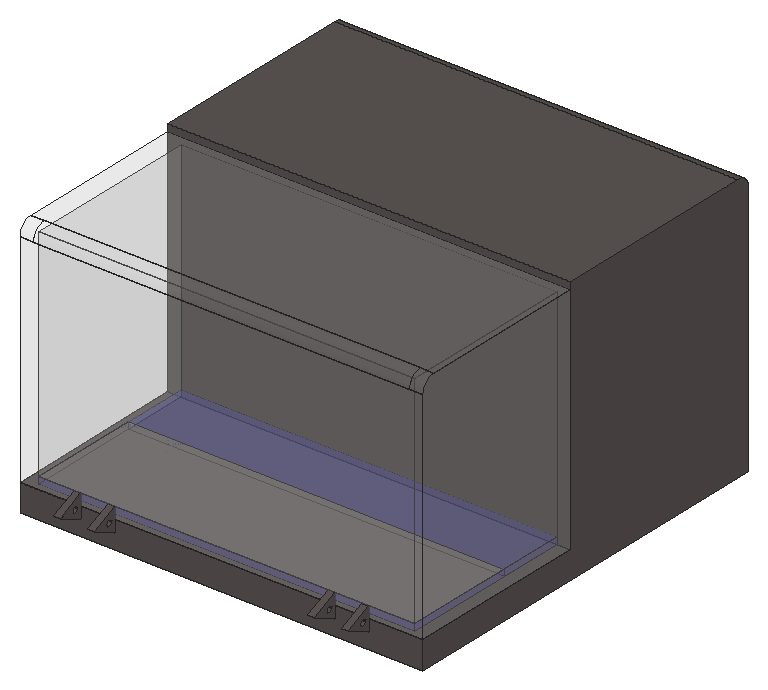
Revit family "PVL3", category Lighting Fixtures, host Face, Revit 2021
Family settings
  Host = Face
  Round Connector Dimension = Use Diameter
  Part Type = Normal
  OmniClass Number = 23.80.70.11
  OmniClass Title = Luminaries for Internal Lighting
  Cut with Voids When Loaded = No
  Light Source = Yes
  Shared = No
  Room Calculation Point = No
Parameters (values of type "PVL3")
  Wattage Comments = "70-250W"
  Wattage = 9.2903 W
  built-in parameter 1150110 = 1 (stored number, unit not read)
  URL = "https://www.currentlighting.com/exo"
  built-in parameter 1114217 = 1 (stored number, unit not read)
  built-in parameter 1150109 = 1 (stored number, unit not read)
  built-in parameter 1150134 = 3
  built-in parameter 1150113 = 1 (stored number, unit not read)
  Reflector Material = Reflector
  Product Page URL = ""
  Product Documentation Link = ""
  Model = "PVL3"  # constant formula
  Manufacturer = "EXO"  # constant formula
  built-in parameter 1150105 = 109.82 (stored number, unit not read)
  Lumens = 1380 lm
  built-in parameter 1150115 = 1 (stored number, unit not read)
  Light Source Symbol Size = 5"
  built-in parameter 1150137 = (empty or 0)
  built-in parameter 1150139 = (empty or 0)
  built-in parameter 1150112 = 1 (stored number, unit not read)
  built-in parameter 1150114 = 1 (stored number, unit not read)
  Lamp = "One"
  Opal lens = Etched Glass
  built-in parameter 1150132 = (empty or 0)
  built-in parameter 1150102 = (empty or 0)
  built-in parameter 1150107 = 3200 (stored number, unit not read)
  built-in parameter 1150138 = (empty or 0)
  built-in parameter 1150106 = 1.0982 (stored number, unit not read)
  built-in parameter 1150104 = 13.8 (stored number, unit not read)
  Dimming Lamp Color Temperature Shift = <None>
  Description = "Perimaliter PGM3"  # constant formula
  Default Elevation = 48"
  Finish = Bronze
  D = 6 13/16"
  Color Filter = 16777215
  C = 8"
  built-in parameter 1114218 = 1 (stored number, unit not read)
  B = 15"
  built-in parameter 1150133 = 10 (stored number, unit not read)
  A = 14 7/8"
Reference planes (in)
  plane 1 "Center (Front/Back)": y = 0
  plane 2: z = 0
  plane 3 "Center (Left/Right)": x = 0
  plane 4: z = 9.875
  plane 5: x = -7.4375
  plane 6: y = 7.5
  plane 7: y = -7.5
  plane 8: x = 7.4375
  plane 9: x = -6.9375
  plane 10: x = 6.9375
  plane 11: x = -5.4375
  plane 12: x = -5.1875
  plane 13: x = -4.6875
  plane 14: z = 9.60985
Forms (in)
  Extrusion 1, solid, material "Bronze" <- "Finish"
    sketch origin (0, 0, 0) x (0, 1, 0) y (0, 0, 1)
      loop
        line (-7.5, 0) -> (7.5, 0) -> (7.5, 9.375)
        arc (7.5, 9.375) -> (7.35355, 9.72855) -> (7, 9.875) r 0.5
        line (7, 9.875) -> (-0.6875, 9.875) -> (-0.6875, 1) -> (-7.5, 1) -> (-7.5, 0)
    from -7.4375 to 7.4375
  Extrusion 2, solid, material "Etched Glass" <- "Opal lens"
    sketch origin (0, 0, 0) x (0, 1, 0) y (0, 0, 1)
      loop
        line (-3.125, 1) -> (-3.125, 1.25) -> (-7.25, 1.25) -> (-7.25, 9.35985) -> (-0.6875, 9.35985) -> (-0.6875, 9.60985) -> (-7, 9.60985)
        arc (-7, 9.60985) -> (-7.35355, 9.4634) -> (-7.5, 9.10985) r 0.5
        line (-7.5, 9.10985) -> (-7.5, 1) -> (-3.125, 1)
    from -6.9375 to 6.9375
  Extrusion 3, solid, material "Etched Glass" <- "Opal lens"
    sketch origin (0, 0, 0) x (0, 1, 0) y (0, 0, 1)
      loop
        line (-0.6875, 9.60985) -> (-7, 9.60985)
        arc (-7, 9.60985) -> (-7.35355, 9.4634) -> (-7.5, 9.10985) r 0.5
        line (-7.5, 9.10985) -> (-7.5, 1) -> (-0.6875, 1) -> (-0.6875, 9.60985)
    from 6.9375 to 7.4375
  Extrusion 4, solid, material "Etched Glass" <- "Opal lens"
    sketch origin (0, 0, 0) x (0, 1, 0) y (0, 0, -1)
      loop
        line (-0.6875, -9.60985) -> (-0.6875, -1) -> (-7.5, -1) -> (-7.5, -9.10985)
        arc (-7.5, -9.10985) -> (-7.35355, -9.4634) -> (-7, -9.60985) r 0.5
        line (-7, -9.60985) -> (-0.6875, -9.60985)
    from 6.9375 to 7.4375
  Extrusion 5, solid, material "Bronze" <- "Finish"
    sketch origin (0, 0, -0.06651) x (0, 1, 0) y (0, 0, 1)
      loop
        line (-7.5, 1.49444) -> (-8.4543, 1.08357) -> (-7.5, 0.63857) -> (-7.5, 1.49444)
    from -5.4375 to -5.1875
  Extrusion 6, solid, material "Bronze" <- "Finish"
    sketch origin (-9.375, 0, -0.06651) x (0, 1, 0) y (0, 0, -1)
      loop
        line (-7.5, -1.49444) -> (-7.5, -0.63857) -> (-8.4543, -1.08357) -> (-7.5, -1.49444)
    from -5.4375 to -5.1875
  Extrusion 7, solid, material "Bronze" <- "Finish"
    sketch origin (9.375, 0, -0.06651) x (0, 1, 0) y (0, 0, 1)
      loop
        line (-7.5, 1.49444) -> (-8.4543, 1.08357) -> (-7.5, 0.63857) -> (-7.5, 1.49444)
    from -5.4375 to -5.1875
  Extrusion 8, solid, material "Bronze" <- "Finish"
    sketch origin (0, 0, -0.06651) x (0, 1, 0) y (0, 0, -1)
      loop
        line (-7.5, -1.49444) -> (-7.5, -0.63857) -> (-8.4543, -1.08357) -> (-7.5, -1.49444)
    from -5.4375 to -5.1875
  Extrusion 9, solid, material "Bronze" <- "Finish"
    sketch origin (0, 0, 0) x (1, 0, 0) y (0, 1, 0)
      loop
        line (-4.6875, 7.5) -> (-4.4375, 7.5) -> (-4.55494, 7.84841)
        arc (-4.55494, 7.84841) -> (-4.70077, 7.91096) -> (-4.82421, 7.81125) r 0.15373
        line (-4.82421, 7.81125) -> (-4.9375, 7.5) -> (-4.6875, 7.5)
      loop
        circle (-4.67662, 7.65971) r 0.09485
      loop
        line (4.6875, 7.5) -> (4.9375, 7.5) -> (4.82421, 7.81125)
        arc (4.82421, 7.81125) -> (4.70077, 7.91096) -> (4.55494, 7.84841) r 0.15373
        line (4.55494, 7.84841) -> (4.4375, 7.5) -> (4.6875, 7.5)
      loop
        circle (4.67662, 7.65971) r 0.09485
    from 0.76377 to 1.11622
  Extrusion 10, void
    sketch origin (0, 0, 0) x (0, -1, 0) y (0, 0, 1)
      loop
        circle (7.78553, 0.99358) r 0.12328
    from -5.4375 to 5.4375
  Extrusion 11, solid, material "Reflector" <- "Reflector Material"
    sketch origin (0, 0, 0) x (0, 1, 0) y (0, 0, 1)
      loop
        line (-0.6875, 1.25) -> (-7.25, 1.25) -> (-7.25, 1) -> (-0.6875, 1) -> (-0.6875, 1.25)
    from -6.9375 to 6.9375
Cuts and joins
  joined: Extrusion 2, Extrusion 3, Extrusion 4
  Extrusion 10 cuts Extrusion 5
  Extrusion 10 cuts Extrusion 6
  Extrusion 10 cuts Extrusion 7
  Extrusion 10 cuts Extrusion 8
Dimensions and locks (in)
  plane 4 to host face = 9 7/8"
  plane 3 "Center (Left/Right)" to plane 5 = 7 7/16"
  Extrusion 1 sketch curve to Extrusion 1 sketch curve to Extrusion 1 sketch curve = 8 7/8", 1" locked
  level to Extrusion 1 = 9 7/8"
  "B": plane 6 to plane 7
  "D": Extrusion 1 to plane 7
  Extrusion 2 sketch curve to Extrusion 2 sketch curve to Extrusion 2 sketch curve = 1/4" locked, 8.10985"
  locked: Extrusion 2 sketch curve to Extrusion 2 sketch curve at 0.25
  "A": plane 5 to plane 8
  locked: cut or joined group of Extrusion 2, Extrusion 3, Extrusion 4 to plane 11 at 2
  plane 1 "Center (Front/Back)" to Extrusion 4 = 7 1/2"
  Extrusion 4 sketch curve to Extrusion 4 sketch curve = 8.60985"
  aligned and locked: plane 2 to host face
  aligned and locked: level to host face
  aligned and locked: Extrusion 1 sketch curve to plane 4
  aligned and locked: Extrusion 1 sketch curve to plane 6
  aligned and locked: Extrusion 1 to plane 5
  aligned and locked: Extrusion 1 to plane 8
  aligned and locked: Extrusion 1 to Extrusion 3
  aligned and locked: Extrusion 4 to plane 5
  aligned and locked: Extrusion 2 to Extrusion 3  (x2)
  aligned and locked: plane 7 to Extrusion 1 sketch curve
  aligned and locked: Extrusion 1 sketch curve to plane 7
  aligned and locked: Extrusion 4 sketch curve to plane 7
  aligned and locked: Extrusion 4 to Extrusion 2  (x2)
  aligned and locked: Extrusion 4 to plane 9
  aligned and locked: Extrusion 3 to plane 10
  aligned and locked: plane 11 to Extrusion 5
  aligned and locked: Extrusion 5 to plane 12
  aligned and locked: plane 6 to Extrusion 1
  aligned and locked: plane 3 "Center (Left/Right)" to imposter light
  aligned and locked: Extrusion 8 to Extrusion 10
  aligned and locked: Extrusion 5 to Extrusion 10
  aligned and locked: Extrusion 2 to Extrusion 1
  aligned and locked: Extrusion 1 to host face
  aligned and locked: Extrusion 4 to Extrusion 1
  aligned and locked: cut or joined group of Extrusion 2, Extrusion 3, Extrusion 4 to Extrusion 1
  aligned and locked: Extrusion 4 sketch curve to Extrusion 1
  aligned and locked: Extrusion 3 sketch curve to cut or joined group of Extrusion 2, Extrusion 3, Extrusion 4
  aligned and locked: Extrusion 11 to Extrusion 1
Automatic sketch dimensions
  host sketch curve to host sketch curve = 96"  (x2)
  plane 1 "Center (Front/Back)" to Extrusion 1 sketch curve = 11/16"
  Extrusion 1 sketch curve to plane 6 = 1/2"
  Extrusion 2 sketch curve to plane 7 = 0"
  Extrusion 2 sketch curve to plane 7 = 1/4"
  Extrusion 2 sketch curve to Extrusion 2 sketch curve = 1/4"
  Extrusion 4 sketch curve to plane 7 = 1/2"
  plane 7 to Extrusion 5 sketch curve = 0.9543"
  level to Extrusion 5 sketch curve = 0.57207"
  level to Extrusion 5 sketch curve = 1.01706"
  Extrusion 5 sketch curve to Extrusion 5 sketch curve = 0.85587"
  Extrusion 6 sketch curve to plane 7 = 0"
  plane 7 to Extrusion 6 sketch curve = 0.9543"
  level to Extrusion 6 sketch curve = 1.42793"
  level to Extrusion 6 sketch curve = 1.01706"
  level to Extrusion 6 sketch curve = 0.57207"
  Extrusion 7 sketch curve to plane 7 = 0"
  plane 7 to Extrusion 7 sketch curve = 0.9543"
  level to Extrusion 7 sketch curve = 0.57207"
  level to Extrusion 7 sketch curve = 1.01706"
  Extrusion 7 sketch curve to Extrusion 7 sketch curve = 0.85587"
  Extrusion 8 sketch curve to plane 7 = 0"
  plane 7 to Extrusion 8 sketch curve = 0.9543"
  level to Extrusion 8 sketch curve = 1.42793"
  level to Extrusion 8 sketch curve = 1.01706"
  level to Extrusion 8 sketch curve = 0.57207"
  Extrusion 9 sketch curve to plane 6 = 0"  (x2)
  Extrusion 9 sketch curve to plane 13 = 0"
  Extrusion 9 sketch curve to plane 13 = 35/256"
  Extrusion 9 sketch curve to Extrusion 9 sketch curve = 1/4"  (x2)
  plane 13 to Extrusion 9 sketch curve = 0.00774"
  plane 13 to Extrusion 9 sketch curve = 0.01088"
  plane 13 to Extrusion 9 sketch curve = 0.13256"
  plane 13 to Extrusion 9 sketch curve = 1/4"
  Extrusion 9 sketch curve to plane 10 = 2 1/2"
  plane 6 to Extrusion 9 sketch curve = 0.34841"
  Extrusion 9 sketch curve to Extrusion 9 sketch curve = 0.11744"
  Extrusion 9 sketch curve to Extrusion 9 sketch curve = 0.12167"
  Extrusion 9 sketch curve to Extrusion 9 sketch curve = 0.00314"
  Extrusion 9 sketch curve to Extrusion 9 sketch curve = 0.01088"
  Extrusion 9 sketch curve to Extrusion 9 sketch curve = 0.14446"
  plane 6 to Extrusion 9 sketch curve = 0.15971"  (x2)
  Extrusion 9 sketch curve to Extrusion 9 sketch curve = 0.09896"  (x2)
  Extrusion 9 sketch curve to Extrusion 9 sketch curve = 0.05258"
  plane 7 to Extrusion 10 sketch curve = 0.28553"
  level to Extrusion 10 sketch curve = 0.99358"
  plane 1 "Center (Front/Back)" to Extrusion 2 sketch curve = 11/16"
  plane 1 "Center (Front/Back)" to Extrusion 2 sketch curve = 3 1/8"
  plane 1 "Center (Front/Back)" to Extrusion 4 sketch curve = 11/16"
  Extrusion 5 sketch curve to plane 7 = 0"
  Extrusion 11 sketch curve to plane 7 = 1/4"
  plane 1 "Center (Front/Back)" to Extrusion 11 sketch curve = 11/16"
  level to Extrusion 11 sketch curve = 1"
  Extrusion 11 sketch curve to Extrusion 11 sketch curve = 1/4"
  level to Extrusion 2 sketch curve = 1"
  Extrusion 3 sketch curve to plane 7 = 0"
  Extrusion 3 sketch curve to plane 4 = 0.26515"
  Extrusion 3 sketch curve to plane 7 = 1/2"
  level to Extrusion 3 sketch curve = 1"
  radius of Extrusion 9 sketch curve = 0.09485"  (x2)
  radius of Extrusion 10 sketch curve = 0.12328"
Connectors (in)
  electrical at (0, 0, 0), driven by "Description"
    settings: on Extrusion 1, index 1, voltage 0 V, apparent load 0 VA, apparent load phase1 0 VA, apparent load phase2 0 VA, apparent load phase3 0 VA, power factor 1, load classification "Other", number of poles 1, system type 30, power factor state 1, is connector primary yes, connector utility no, sub classification motor no, connector description "Perimaliter PGM3"
